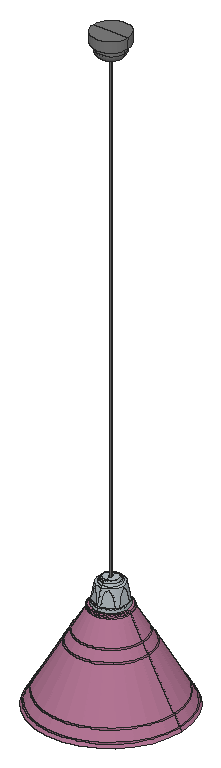
Revit family "Vintage Lampshade LSU (12,14,16,18,20)MB", category Lighting Fixtures, Revit 2020
Family settings
  Round Connector Dimension = Use Diameter
  Part Type = Normal
  OmniClass Number = 23.80.70.00
  OmniClass Title = Lighting
  Work Plane-Based = No
  Always vertical = Yes
  Cut with Voids When Loaded = No
  Light Source = Yes
  Shared = No
  Room Calculation Point = No
Parameters (values of type "LSU22")
  Weight = "7.2lbs"
  Wattage Comments = "200W Max"
  Wattage = 2.4 W
  Warranty = "5 year limited warranty"  # constant formula
  built-in parameter 1150110 = 1 (stored number, unit not read)
  Voltage = 277 V
  URL = "https://www.anplighting.com/assets/Uploads/product-attachments/specification-sheets/ANP-Specification-Sheet-INC-LSU22.pdf"
  built-in parameter 1114217 = 1 (stored number, unit not read)
  Tilt Angle = 90.00°
  built-in parameter 1150109 = 1 (stored number, unit not read)
  built-in parameter 1150134 = 12
  built-in parameter 1150113 = 1 (stored number, unit not read)
  Ring = Ring
  Mounting Option [instance] = 1
  Power Factor = 1
  Post Mount [instance] = Mounting Option = 5  # no
  Placement X axis side [instance] = if(Post Mount, 2' 2 15/32", if(Cord or Stem Mount, 0' 0", if(E36 20 inch, 1' 8 1/4", if(E 6 26 inch, 2' 2", if(E7 41 inch, 3' 5 1/4", 0' 1")))))  # 0' - 0"
  Photometric Web File = "generic.ies"
  Model = "LSU22"
  Manufacturer = "ANP Lighting"  # constant formula
  built-in parameter 1150105 = 238.73 (stored number, unit not read)
  Lumens = 3000 lm
  built-in parameter 1150115 = 1 (stored number, unit not read)
  Load Classification = Lighting
  Light Source Height [instance] = 1' - 0"
  built-in parameter 1150137 = (empty or 0)
  built-in parameter 1150139 = (empty or 0)
  Light Elevation _2 [instance] = if(Post Mount, 0' 0.66142", if(E7 41 inch, 0' 0.66142", if(E36 20 inch, 0' 1.65748", if(E 6 26 inch, 0' 1.53543", if(Cord or Stem Mount, (0' 4.3622" + Cord Length), 0' 0")))))  # 6' - 4.3622"
  Light Elevation _1 [instance] = if(Post Mount, 0' 0", if(E7 41 inch, 0' 0", if(E36 20 inch, 0' 1", if(E 6 26 inch, 0' 0.87402", if(Cord or Stem Mount, (0' 3.66142" + Cord Length), 0' 0")))))  # 6' - 3.66142"
  Light Elevation [instance] = if(Post Mount, 14' 0.5315", if(E7 41 inch, 0' 0", 0' 0"))  # 0' - 0"
  built-in parameter 1150112 = 1 (stored number, unit not read)
  built-in parameter 1150114 = 1 (stored number, unit not read)
  Lamp = "Incandescent"
  LSU22 = yes
  LSU20 = no
  LSU18 = no
  LSU16 = no
  LSU14 = no
  LSU12 = no
  built-in parameter 1150132 = 2
  built-in parameter 1150102 = (empty or 0)
  built-in parameter 1150107 = 4000 (stored number, unit not read)
  built-in parameter 1150138 = (empty or 0)
  built-in parameter 1150106 = 2.3873 (stored number, unit not read)
  Fixture Height = 1' - 5 3/4"
  Fixture Finish = Fixture finish
  Fixture Diameter = 1' - 10"
  built-in parameter 1150104 = 116.13 (stored number, unit not read)
  E7 41 inch [instance] = Mounting Option = 4  # no
  E36 20 inch [instance] = Mounting Option = 3  # no
  E 6 26 inch [instance] = Mounting Option = 2  # no
  Dimming Lamp Color Temperature Shift = <None>
  Description = "120-277 Voltage"  # constant formula
  Default Elevation = 0' - 0"
  Cord or Stem Mount [instance] = Mounting Option = 1  # yes
  Cord Length option [instance] = 0
  Cord Length [instance] = if([2' Cord], 2' 0", if([4' Cord], 4' 0", if([8' Cord], 8' 0", if([10' Cord], 10' 0", if([6' Cord], 6' 0", 6' 0")))))  # 6' - 0"
  Construction Material = "Heavy Duty spun aluminum."  # constant formula
  Color Filter = 16777215
  Body Material = body
  Body Colour = "Spun aluminium"  # constant formula
  built-in parameter 1114218 = 1 (stored number, unit not read)
  built-in parameter 1150133 = 10 (stored number, unit not read)
  Apparent Load = 200 VA
  8' Cord [instance] = Cord Length option = 8  # no
  6' Cord [instance] = Cord Length option = 6  # no
  4' Cord [instance] = Cord Length option = 4  # no
  2' Cord [instance] = Cord Length option = 2  # no
  10' Cord [instance] = Cord Length option = 10  # no
Reference planes (in)
  plane 1 "Light Source Axis (F/B)": y = 0
  plane 2: z = 0
  plane 3 "Light Source Axis (L/R)": x = 0
  plane 4 "Light Source Elevation": z = 0
  plane 5: z = 0
  plane 6: x = 0
  plane 7 "Bulb Position": z = -76.3622
  plane 8 "Canopy Position": z = -75.66142
  plane 9 "IES": z = -88.3622
Dimensions and locks (in)
  "Light Elevation": plane 5 to plane 2
  "Placement X axis side": plane 6 to plane 3 "Light Source Axis (L/R)"
  "Light Elevation _2": plane 5 to plane 7 "Bulb Position"
  "Light Elevation _1": plane 5 to plane 8 "Canopy Position"
  "Light Source Height": plane 7 "Bulb Position" to plane 9 "IES"
  locked: plane 4 "Light Source Elevation" to plane 2
  aligned and locked: level to plane 2
  aligned and locked: plane 1 "Light Source Axis (F/B)" to nested 5
  aligned and locked: nested 5 to plane 2
  aligned and locked: nested 1 to plane 3 "Light Source Axis (L/R)"
  aligned and locked: plane 3 "Light Source Axis (L/R)" to nested 2
  aligned and locked: plane 3 "Light Source Axis (L/R)" to nested 4
  aligned and locked: nested 3 to plane 5
  aligned and locked: plane 3 "Light Source Axis (L/R)" to nested 3
  aligned and locked: plane 3 "Light Source Axis (L/R)" to nested 5
  aligned and locked: plane 1 "Light Source Axis (F/B)" to nested 2
  aligned and locked: plane 1 "Light Source Axis (F/B)" to nested 1
  aligned and locked: plane 1 "Light Source Axis (F/B)" to nested 4
  aligned and locked: plane 1 "Light Source Axis (F/B)" to nested 3
  aligned and locked: plane 2 to nested 1
  aligned and locked: plane 2 to nested 2
  aligned and locked: nested 4 to plane 2
  aligned and locked: imposter light to plane 9 "IES"
  aligned and locked: imposter light to plane 6
  aligned and locked: nested 6 to plane 8 "Canopy Position"
  aligned and locked: nested 7 to plane 8 "Canopy Position"
  aligned and locked: nested 8 to plane 8 "Canopy Position"
  aligned and locked: nested 9 to plane 8 "Canopy Position"
  aligned and locked: nested 10 to plane 8 "Canopy Position"
  aligned and locked: nested 11 to plane 8 "Canopy Position"
  aligned and locked: nested 6 to plane 6
  aligned and locked: nested 7 to plane 6
  aligned and locked: nested 8 to plane 6
  aligned and locked: nested 9 to plane 6
  aligned and locked: nested 10 to plane 6
  aligned and locked: nested 11 to plane 6
Nested families (in)
  nested 1: "CORD OR STEM MOUNT" at (0, 0, -75.67), visible <- "Cord or Stem Mount", Cord or Stem Mount <- "Cord or Stem Mount", Body Material <- "Body Material", Light Elevation <- "Light Elevation", Cord Length <- "Cord Length", 10' Cord <- "10' Cord", 2' Cord <- "2' Cord", 4' Cord <- "4' Cord", 6' Cord <- "6' Cord", 8' Cord <- "8' Cord", type "CORD OR STEM MOUNT"
    with Light Elevation 0' - 0", Cord or Stem Mount yes, Cord Length 6' - 0", Body Material body, 8' Cord no, 6' Cord no, 4' Cord no, 2' Cord no, 10' Cord no
  nested 2: "E6 26 INCH" at (0, 0, 0), visible <- "E 6 26 inch", Chain Length <- "Cord Length", E 6 26 inch <- "E 6 26 inch", Placement X axis side <- "Placement X axis side", Body Material <- "Body Material", Light Elevation <- "Light Elevation", type "E6 26 INCH"
    with Placement X axis side 0' - 0", Light Elevation 0' - 0", E 6 26 inch no, Chain Length 6' - 0", Body Material body
  nested 3: "E7 41 INCH" at (0, 0, 0), Chain Length <- "Cord Length", visible <- "E7 41 inch", E7 41 inch <- "E7 41 inch", Placement X axis side <- "Placement X axis side", Body Material <- "Body Material", Light Elevation <- "Light Elevation", type "E7 41 INCH"
    with Placement X axis side 0' - 0", Light Elevation 0' - 0", E7 41 inch no, Chain Length 6' - 0", Body Material body
  nested 4: "E36 20 INCH" at (0, 0, 0), visible <- "E36 20 inch", E36 20 inch <- "E36 20 inch", Placement X axis side <- "Placement X axis side", Chain Length <- "Cord Length", Body Material <- "Body Material", Light Elevation <- "Light Elevation", type "E36 20 INCH"
    with Placement X axis side 0' - 0", Light Elevation 0' - 0", E36 20 inch no, Chain Length 6' - 0", Body Material body
  nested 5: "POST MOUNT" at (0, 0, 0), visible <- "Post Mount", Post Mount <- "Post Mount", Placement X axis side <- "Placement X axis side", Chain Length <- "Cord Length", Body Material <- "Body Material", Light Elevation <- "Light Elevation", type "POST MOUNT"
    with Post Mount no, Placement X axis side 0' - 0", Light Elevation 0' - 0", Chain Length 6' - 0", Body Material body
  nested 6: "LSU12A" at (0, 0, -75.66142), Body <- "Fixture Finish", Light Elevation <- "Light Elevation", visible <- "LSU12", LSU12 <- "LSU12", type "LSU12A"
    with Light Elevation 0' - 0", LSU12 no, Body Fixture finish
  nested 7: "LSU14A" at (0, 0, -75.66142), Body <- "Fixture Finish", Light Elevation <- "Light Elevation", hUB <- "Ring", visible <- "LSU14", LSU14 <- "LSU14", type "LSU14A"
    with hUB Ring, Light Elevation 0' - 0", LSU14 no, Body Fixture finish
  nested 8: "LSU16A" at (0, 0, -75.66142), Body <- "Fixture Finish", Light Elevation <- "Light Elevation", HUB <- "Ring", visible <- "LSU16", LSU16 <- "LSU16", type "LSU16A"
    with Light Elevation 0' - 0", LSU16 no, HUB Ring, Body Fixture finish
  nested 9: "LSU18A" at (0, 0, -75.66142), Body <- "Fixture Finish", Light Elevation <- "Light Elevation", HUB <- "Ring", LSU18 <- "LSU18", visible <- "LSU18", type "LSU18A"
    with Light Elevation 0' - 0", LSU18 no, HUB Ring, Body Fixture finish
  nested 10: "LSU20A" at (0, 0, -75.66142), Body <- "Fixture Finish", Light Elevation <- "Light Elevation", visible <- "LSU20", LSU20 <- "LSU20", type "LSU20A"
    with Light Elevation 0' - 0", LSU20 no, Body Fixture finish
  nested 11: "LSU22A" at (0, 0, -75.66142), Body <- "Fixture Finish", Light Elevation <- "Light Elevation", visible <- "LSU22", LSU22 <- "LSU22", type "LSU22A"
    with Light Elevation 0' - 0", LSU22 yes, Body Fixture finish
Definition of nested family "CORD OR STEM MOUNT"
  Parameters (values of type "CORD OR STEM MOUNT")
    URL = ""
    Model = ""
    Manufacturer = ""
    Light Elevation [instance] = 1' - 7.69"
    Default Elevation = 0' - 0"
    Cord or Stem Mount [instance] = yes
    Cord Length [instance] = 6' - 0"
    Body Material [instance] = none
    8' Cord [instance] = no
    6' Cord [instance] = no
    4' Cord [instance] = no
    2' Cord [instance] = no
    10' Cord [instance] = no
  Reference planes (in)
    plane 1 "Light Source Axis (F/B)": y = 0
    plane 2: z = 0
    plane 3 "Light Source Axis (L/R)": x = 0
    plane 4 "Light Source Elevation": z = 23.125
    plane 5: z = 91.69
    plane 6: z = 19.69
  Forms (in)
    Extrusion 1, void, not visible
      sketch origin (0, 0, 2.38154) x (1, 0, 0) y (0, 0, 1)
        loop
          circle (0, 4.59925) r 0.16583
      from 1.18594 to 1.75
    Extrusion 2, void, not visible
      sketch origin (0, 0, 2.38154) x (0.707107, -0.707107, 0) y (0, 0, 1)
        loop
          circle (0, 4.59925) r 0.16583
      from 1.18594 to 1.75
    Extrusion 3, void, not visible
      sketch origin (0, 0, 2.38154) x (0.707107, 0.707107, 0) y (0, 0, 1)
        loop
          circle (0, 4.59925) r 0.16583
      from 1.18594 to 1.75
    Extrusion 4, void, not visible
      sketch origin (0, 0, 2.38154) x (0, 1, 0) y (0, 0, 1)
        loop
          circle (0, 4.59925) r 0.16583
      from 1.18594 to 1.75
    Extrusion 5, void, not visible
      sketch origin (0, 0, 2.38154) x (-0.707107, 0.707107, 0) y (0, 0, 1)
        loop
          circle (0, 4.59925) r 0.16583
      from 1.18594 to 1.75
    Extrusion 6, void, not visible
      sketch origin (0, 0, 2.38154) x (-1, 0, 0) y (0, 0, 1)
        loop
          circle (0, 4.59925) r 0.20678
      from 1.18594 to 1.75
    Extrusion 7, void, not visible
      sketch origin (0, 0, 2.38154) x (-0.707107, -0.707107, 0) y (0, 0, 1)
        loop
          circle (0, 4.59925) r 0.16583
      from 1.18594 to 1.75
    Extrusion 8, void, not visible
      sketch origin (0, 0, 2.38154) x (0, -1, 0) y (0, 0, 1)
        loop
          circle (0, 4.59925) r 0.16583
      from 1.18594 to 1.75
    Revolve 9, solid, material <- "Body Material", visible <- "Cord or Stem Mount"
      sketch origin (0, 0, 174.56698) x (1, 0, 0) y (0, 0, 1)
        loop
          line (2.6875, -79.20698) -> (0, -79.20698) -> (0, -82.87698) -> (0.125, -82.87698) -> (0.125, -82.83698) -> (0.75, -82.83698)
          arc (0.75, -82.83698) -> (0.81694, -82.77004) -> (0.75, -82.7031) r 0.06694
          line (0.75, -82.7031) -> (0.89763, -82.7031) -> (1.00223, -82.5985) -> (1.06587, -82.5985)
          arc (1.06587, -82.5985) -> (1.80099, -82.29401) -> (2.10549, -81.55888) r 1.03962
          line (2.10549, -81.55888) -> (2.10549, -81.03899)
          arc (2.10549, -81.03899) -> (2.12951, -80.981) -> (2.1875, -80.95698) r 0.08201
          line (2.1875, -80.95698) -> (2.1875, -80.70698) -> (2.6875, -80.70698) -> (2.6875, -79.20698)
        axis (0, -79.20698) -> (0, -82.87698)
      angle from 0 to 360
    Revolve 10, solid, material <- "Body Material", visible <- "Cord or Stem Mount"
      sketch origin (0, 0, 0) x (1, 0, 0) y (0, 0, 1)
        loop
          line (0, 91.69) -> (-0.125, 91.69) -> (-0.125, 19.69) -> (0, 19.69) -> (0, 91.69)
        axis (0, 19.69) -> (0, 91.69)
      angle from 0 to 360
  Dimensions and locks (in)
    "Light Elevation": plane 6 to plane 2
    "Cord Length": plane 5 to plane 6
    locked: Revolve 10 sketch curve to Revolve 10 sketch curve at 0.125
    aligned and locked: level to plane 2
    aligned and locked: Revolve 10 sketch curve to plane 3 "Light Source Axis (L/R)"
    aligned and locked: Revolve 10 sketch curve to plane 6
    aligned and locked: Revolve 10 sketch curve to plane 5
    aligned and locked: plane 3 "Light Source Axis (L/R)" to Revolve 10 sketch curve
  Automatic sketch dimensions
    Revolve 9 sketch curve to plane 3 "Light Source Axis (L/R)" = 0' - 0"  (x2)
    Revolve 9 sketch curve to plane 5 = 0' - 0"
    plane 3 "Light Source Axis (L/R)" to Revolve 9 sketch curve = 0' - 0 1/8"
    Revolve 9 sketch curve to plane 5 = 0' - 0.17388"
    Revolve 9 sketch curve to Revolve 9 sketch curve = 0' - 0 5/8"
    Revolve 9 sketch curve to Revolve 9 sketch curve = 0' - 0.14763"
    Revolve 9 sketch curve to plane 5 = 0' - 0.27847"
    Revolve 9 sketch curve to Revolve 9 sketch curve = 0' - 0.1046"
    Revolve 9 sketch curve to Revolve 9 sketch curve = 0' - 0.06364"
    Revolve 9 sketch curve to Revolve 9 sketch curve = 0' - 1.03962"
    Revolve 9 sketch curve to Revolve 9 sketch curve = 0' - 0 21/256"
    Revolve 9 sketch curve to Revolve 9 sketch curve = 0' - 0 1/2"  (x2)
    Revolve 9 sketch curve to Revolve 9 sketch curve = 0' - 0.51989"
    Revolve 9 sketch curve to Revolve 9 sketch curve = 0' - 0 1/4"
    Revolve 9 sketch curve to Revolve 9 sketch curve = 0' - 2.3519"
    Revolve 9 sketch curve to Revolve 9 sketch curve = 0' - 1 1/4"
    Revolve 9 sketch curve to Revolve 9 sketch curve = 0' - 0.04"
    Revolve 10 sketch curve to Revolve 10 sketch curve = 0' - 0 1/2"
    Revolve 10 sketch curve to Revolve 10 sketch curve = 0' - 0.42345"
Definition of nested family "LSU22A"
  Parameters (values of type "LSU22A")
    Light Elevation [instance] = 0' - 0"
    LSU22 [instance] = yes
    HUB = none
    Default Elevation = 0' - 0"
    Body [instance] = none
  Reference planes (in)
    plane 1 "Center (Front/Back)": y = 0
    plane 2: z = 0
    plane 3 "Center (Left/Right)": x = 0
    plane 4: z = 0
  Dimensions and locks (in)
    "Light Elevation": plane 4 to plane 2
    aligned and locked: plane 2 to level
    aligned and locked: plane 3 "Center (Left/Right)" to nested 1
    aligned and locked: plane 1 "Center (Front/Back)" to nested 1
    aligned and locked: plane 4 to nested 1
  Nested families (in)
    nested 1: "LSU22" at (0, 0, -17.75), visible <- "LSU22", Body <- "Body", LSU22 <- "LSU22", type "LSU22"
      with LSU22 yes, Body none
  Definition of nested family "LSU22"
    Parameters (values of type "LSU22")
      SHADE = none
      LSU22 [instance] = yes
      HUB = none
      Default Elevation = 0' - 0"
      Body [instance] = none
    Reference planes (in)
      plane 1 "Center (Front/Back)": y = 0
      plane 2: z = 0
      plane 3 "Center (Left/Right)": x = 0
      plane 4: x = 11
      plane 5: x = -11
      plane 6: z = 17.75
    Forms (in)
      Revolve 1, solid, material <- "HUB", visible <- "LSU22"
        sketch origin (0, 11.70542, 7.10596) x (0, 1, 0) y (0, 0, 1)
          loop
            arc (-12.87041, 10.64404) -> (-12.89909, 10.63499) -> (-12.9174, 10.61114) r 0.05
            line (-12.9174, 10.61114) -> (-13.01461, 10.34404) -> (-13.21461, 10.34404) -> (-13.31652, 10.06404) -> (-13.6924, 9.92723) -> (-14.13025, 7.44404) -> (-14.16127, 7.44404)
            arc (-14.16127, 7.44404) -> (-14.1928, 7.42739) -> (-14.20542, 7.39404) r 0.05039
            line (-14.20542, 7.39404) -> (-14.20542, 6.89404) -> (-11.95542, 6.89404) -> (-11.95542, 10.64404) -> (-12.87041, 10.64404)
          axis (-11.70542, 10.64404) -> (-11.70542, 6.89404)
        angle from 0 to 360
      Extrusion 2, void
        sketch origin (11.70542, 0, 7.10596) x (1, 0, 0) y (0, 0, 1)
          loop
            line (-9.24957, 7.44404) -> (-9.24957, 10.19404) -> (-9.7364, 10.19404) -> (-9.4864, 7.44404) -> (-9.24957, 7.44404)
        from -1.03027 to 1.03705
      Extrusion 3, void
        sketch origin (-11.70542, 0.0024, 7.10596) x (-1, 0.000784, 0) y (0, 0, 1)
          loop
            line (-9.24957, 7.44404) -> (-9.24957, 10.19404) -> (-9.7364, 10.19404) -> (-9.4864, 7.44404) -> (-9.24957, 7.44404)
        from -1.03027 to 1.03705
      Extrusion 4, void
        sketch origin (5.85368, 10.13421, 7.10596) x (0.500262, 0.865874, 0) y (0, 0, 1)
          loop
            line (-9.24957, 7.44404) -> (-9.24957, 10.19404) -> (-9.7364, 10.19404) -> (-9.4864, 7.44404) -> (-9.24957, 7.44404)
        from -1.03027 to 1.03705
      Extrusion 5, void
        sketch origin (-5.85996, -10.13543, 7.10596) x (-0.500941, -0.865481, 0) y (0, 0, 1)
          loop
            line (-9.24957, 7.44404) -> (-9.24957, 10.19404) -> (-9.7364, 10.19404) -> (-9.4864, 7.44404) -> (-9.24957, 7.44404)
        from -1.03027 to 1.03705
      Extrusion 6, void
        sketch origin (-5.84989, 10.13882, 7.10596) x (-0.49958, 0.866268, 0) y (0, 0, 1)
          loop
            line (-9.24957, 7.44404) -> (-9.24957, 10.19404) -> (-9.7364, 10.19404) -> (-9.4864, 7.44404) -> (-9.24957, 7.44404)
        from -1.03027 to 1.03705
      Extrusion 7, void
        sketch origin (5.84361, -10.14244, 7.10596) x (0.4989, -0.866659, 0) y (0, 0, 1)
          loop
            line (-9.24957, 7.44404) -> (-9.24957, 10.19404) -> (-9.7364, 10.19404) -> (-9.4864, 7.44404) -> (-9.24957, 7.44404)
        from -1.03027 to 1.03705
      Revolve 8, solid, material <- "Body", visible <- "LSU22"
        sketch origin (0, 0, 0) x (1, 0, 0) y (0, 0, 1)
          loop
            line (-1.86742, 14.67) -> (-2, 14.67) -> (-2.25, 14.42) -> (-2.25, 14) -> (-2.95, 14)
            arc (-2.95, 14) -> (-2.98536, 13.98536) -> (-3, 13.95) r 0.05
            line (-3, 13.95) -> (-3, 13.65)
            arc (-3, 13.65) -> (-3.0088, 13.58424) -> (-3.03459, 13.52312) r 0.25
            line (-3.03459, 13.52312) -> (-4.868, 10.41048)
            arc (-4.868, 10.41048) -> (-4.9496, 10.36431) -> (-4.95042, 10.27056) r 0.09375
            line (-4.95042, 10.27056) -> (-5.75154, 8.91048)
            arc (-5.75154, 8.91048) -> (-5.83313, 8.86431) -> (-5.83395, 8.77056) r 0.09375
            line (-5.83395, 8.77056) -> (-9.76674, 2.09375)
            arc (-9.76674, 2.09375) -> (-9.84833, 2.04758) -> (-9.84915, 1.95383) r 0.09375
            line (-9.84915, 1.95383) -> (-10.65027, 0.59375)
            arc (-10.65027, 0.59375) -> (-10.73187, 0.54758) -> (-10.73268, 0.45383) r 0.09375
            line (-10.73268, 0.45383) -> (-11, 0) -> (-10.8912, 0) -> (-10.6519, 0.40625)
            arc (-10.6519, 0.40625) -> (-10.65109, 0.5) -> (-10.56949, 0.54617) r 0.09375
            line (-10.56949, 0.54617) -> (-9.76837, 1.90625)
            arc (-9.76837, 1.90625) -> (-9.76755, 2) -> (-9.68596, 2.04617) r 0.09375
            line (-9.68596, 2.04617) -> (-5.75317, 8.72298)
            arc (-5.75317, 8.72298) -> (-5.75235, 8.81673) -> (-5.67076, 8.8629) r 0.09375
            line (-5.67076, 8.8629) -> (-4.86964, 10.22298)
            arc (-4.86964, 10.22298) -> (-4.86882, 10.31673) -> (-4.78723, 10.3629) r 0.09375
            line (-4.78723, 10.3629) -> (-2.95381, 13.47554)
            arc (-2.95381, 13.47554) -> (-2.91835, 13.55959) -> (-2.90625, 13.65) r 0.34375
            line (-2.90625, 13.65) -> (-2.90625, 13.90625) -> (-2.15625, 13.90625) -> (-2.15625, 14.38117) -> (-1.86742, 14.67)
          axis (0, 14.67) -> (0, 0)
        angle from 0 to 360
    Cuts and joins
      Extrusion 2, Extrusion 3, Extrusion 4, Extrusion 5, Extrusion 6, Extrusion 7 cuts Revolve 1
    Dimensions and locks (in)
      aligned and locked: plane 2 to level
Definition of nested family "E6 26 INCH"
  Parameters (values of type "E6 26 INCH")
    URL = ""
    Placement X axis side [instance] = 2' - 2"
    Model = ""
    Manufacturer = ""
    Light Elevation [instance] = 8' - 4"
    E 6 26 inch [instance] = yes
    Default Elevation = 0' - 0"
    Chain Length [instance] = 0' - 0"
    Body Material [instance] = none
  Reference planes (in)
    plane 1 "Light Source Axis (F/B)": y = 0
    plane 2: z = 0
    plane 3 "Light Source Axis (L/R)": x = 0
    plane 4 "Light Source Elevation": z = 23.125
    plane 5: z = 100
    plane 6: x = -26
    plane 7: z = 99.125
    plane 8: x = -24.12
    plane 9: x = -25.5474
  Forms (in)
    Extrusion 1, void, not visible
      sketch origin (0, 0, 2.38154) x (1, 0, 0) y (0, 0, 1)
        loop
          circle (0, 4.59925) r 0.16583
      from 1.18594 to 1.75
    Extrusion 2, void, not visible
      sketch origin (0, 0, 2.38154) x (0.707107, -0.707107, 0) y (0, 0, 1)
        loop
          circle (0, 4.59925) r 0.16583
      from 1.18594 to 1.75
    Extrusion 3, void, not visible
      sketch origin (0, 0, 2.38154) x (0.707107, 0.707107, 0) y (0, 0, 1)
        loop
          circle (0, 4.59925) r 0.16583
      from 1.18594 to 1.75
    Extrusion 4, void, not visible
      sketch origin (0, 0, 2.38154) x (0, 1, 0) y (0, 0, 1)
        loop
          circle (0, 4.59925) r 0.16583
      from 1.18594 to 1.75
    Extrusion 5, void, not visible
      sketch origin (0, 0, 2.38154) x (-0.707107, 0.707107, 0) y (0, 0, 1)
        loop
          circle (0, 4.59925) r 0.16583
      from 1.18594 to 1.75
    Extrusion 6, void, not visible
      sketch origin (0, 0, 2.38154) x (-1, 0, 0) y (0, 0, 1)
        loop
          circle (0, 4.59925) r 0.20678
      from 1.18594 to 1.75
    Extrusion 7, void, not visible
      sketch origin (0, 0, 2.38154) x (-0.707107, -0.707107, 0) y (0, 0, 1)
        loop
          circle (0, 4.59925) r 0.16583
      from 1.18594 to 1.75
    Extrusion 8, void, not visible
      sketch origin (0, 0, 2.38154) x (0, -1, 0) y (0, 0, 1)
        loop
          circle (0, 4.59925) r 0.16583
      from 1.18594 to 1.75
    Sweep 9, solid, material <- "Body Material", visible <- "E 6 26 inch"
      path origin (-41.25, 0, 168.51693) x (1, 0, 0) y (0, 0, 1)
        loop
          line (17.13, -68.51693) -> (27.68551, -68.51693)
          arc (27.68551, -68.51693) -> (28.47996, -68.34486) -> (29.13202, -67.8595) r 1.92004
          line (29.13202, -67.8595) -> (34.23651, -62.01155)
          arc (34.23651, -62.01155) -> (38.65464, -60.89667) -> (41.25, -64.64193) r 4
          line (41.25, -64.64193) -> (41.25, -69.39193)
      profile origin (-18.84224, 0, 100) x (0, 0, 1) y (0, -1, 0)
        loop
          circle (0, 0) r 0.5
    Revolve 10, solid, material <- "Body Material", visible <- "E 6 26 inch"
      sketch origin (-26, 0, 168.51693) x (1, 0, 0) y (0, 0, 1)
        loop
          line (0, -66.07943) -> (0, -68.51693) -> (1.88, -68.51693) -> (1.88, -67.69272) -> (0.4526, -67.69272) -> (0.4526, -66.54122) -> (0.33125, -66.54122) -> (0.33125, -66.07943) -> (0, -66.07943)
        axis (0, -68.51693) -> (1.88, -68.51693)
      angle from 0 to 360
    Extrusion 11, solid, material <- "Body Material", visible <- "E 6 26 inch"
      sketch origin (-26, 0, 168.51693) x (0, -1, 0) y (0, 0, -1)
        loop
          line (0.25, 68.51693) -> (0.25, 69.51693) -> (-0.25, 69.51693) -> (-0.25, 68.51693) -> (0.25, 68.51693)
      from 0.4526 to 1.88
  Cuts and joins
    joined: Revolve 10, Extrusion 11
  Dimensions and locks (in)
    "Light Elevation": plane 5 to plane 2
    "Placement X axis side": plane 3 "Light Source Axis (L/R)" to plane 6
    locked: plane 5 to plane 7 at 0.875
    Revolve 10 sketch curve to Revolve 10 sketch curve to Revolve 10 sketch curve to plane 6 = 0' - 1.4274" locked, 0' - 0.12135" locked, 0' - 0.33125" locked
    Revolve 10 sketch curve to Revolve 10 sketch curve to Revolve 10 sketch curve to plane 5 = 0' - 0.46179" locked, 0' - 1.1515" locked, 0' - 0 211/256" locked
    locked: Sweep 9 sketch curve to plane 6 at 1.88
    locked: Sweep 9 sketch curve to Sweep 9 sketch curve at 10.55551
    locked: Sweep 9 sketch curve to Sweep 9 sketch curve at 13.56449
    locked: Sweep 9 sketch curve to Sweep 9 sketch curve at 4.75
    locked: plane 9 to plane 6 at 0.4526
    locked: plane 8 to plane 9 at 1.4274
    aligned and locked: level to plane 2
    aligned and locked: Revolve 10 sketch curve to plane 6
    aligned and locked: plane 5 to Revolve 10 sketch curve
    aligned and locked: Revolve 10 sketch curve to plane 5
    aligned and locked: cut or joined group of Revolve 10, Extrusion 11 to plane 9
    aligned and locked: plane 8 to cut or joined group of Revolve 10, Extrusion 11
  Automatic sketch dimensions
    Sweep 9 sketch curve to plane 5 = 0' - 0"
    Sweep 9 sketch curve to Sweep 9 sketch curve = 0' - 4"
    Sweep 9 sketch curve to Sweep 9 sketch curve = 0' - 3.01349"
    plane 5 to Sweep 9 sketch curve = 0' - 0.65743"
    Sweep 9 sketch curve to Sweep 9 sketch curve = 0' - 1.4465"
    Sweep 9 sketch curve to plane 5 = 0' - 0 7/8"
    profile plane to Sweep 9 sketch curve = 0' - 0"
    Sweep 9 sketch curve to profile plane = 0' - 0"
    plane 6 to Revolve 10 sketch curve = 0' - 0.62562"
    Revolve 10 sketch curve to Revolve 10 sketch curve = 0' - 0 1/2"
    Extrusion 11 sketch curve to plane 5 = 0' - 0"
    plane 1 "Light Source Axis (F/B)" to Extrusion 11 sketch curve = 0' - 0 1/4"
    Extrusion 11 sketch curve to plane 1 "Light Source Axis (F/B)" = 0' - 0 1/4"
    plane 5 to Extrusion 11 sketch curve = 0' - 1"
    radius of Sweep 9 sketch curve = 0' - 0 1/2"
Definition of nested family "E7 41 INCH"
  Parameters (values of type "E7 41 INCH")
    URL = ""
    Placement X axis side [instance] = 4' - 2"
    Model = ""
    Manufacturer = ""
    Light Elevation [instance] = 8' - 4"
    E7 41 inch [instance] = yes
    Default Elevation = 0' - 0"
    Chain Length [instance] = 0' - 0"
    Body Material [instance] = none
  Reference planes (in)
    plane 1 "Light Source Axis (F/B)": y = 0
    plane 2: z = 0
    plane 3 "Light Source Axis (L/R)": x = 0
    plane 4 "Light Source Elevation": z = 23.125
    plane 5: z = 100
    plane 6: x = -50
  Forms (in)
    Extrusion 1, void, not visible
      sketch origin (0, 0, 2.38154) x (1, 0, 0) y (0, 0, 1)
        loop
          circle (0, 4.59925) r 0.16583
      from 1.18594 to 1.75
    Extrusion 2, void, not visible
      sketch origin (0, 0, 2.38154) x (0.707107, -0.707107, 0) y (0, 0, 1)
        loop
          circle (0, 4.59925) r 0.16583
      from 1.18594 to 1.75
    Extrusion 3, void, not visible
      sketch origin (0, 0, 2.38154) x (0.707107, 0.707107, 0) y (0, 0, 1)
        loop
          circle (0, 4.59925) r 0.16583
      from 1.18594 to 1.75
    Extrusion 4, void, not visible
      sketch origin (0, 0, 2.38154) x (0, 1, 0) y (0, 0, 1)
        loop
          circle (0, 4.59925) r 0.16583
      from 1.18594 to 1.75
    Extrusion 5, void, not visible
      sketch origin (0, 0, 2.38154) x (-0.707107, 0.707107, 0) y (0, 0, 1)
        loop
          circle (0, 4.59925) r 0.16583
      from 1.18594 to 1.75
    Extrusion 6, void, not visible
      sketch origin (0, 0, 2.38154) x (-1, 0, 0) y (0, 0, 1)
        loop
          circle (0, 4.59925) r 0.20678
      from 1.18594 to 1.75
    Extrusion 7, void, not visible
      sketch origin (0, 0, 2.38154) x (-0.707107, -0.707107, 0) y (0, 0, 1)
        loop
          circle (0, 4.59925) r 0.16583
      from 1.18594 to 1.75
    Extrusion 8, void, not visible
      sketch origin (0, 0, 2.38154) x (0, -1, 0) y (0, 0, 1)
        loop
          circle (0, 4.59925) r 0.16583
      from 1.18594 to 1.75
    Revolve 9, solid, material <- "Body Material", visible <- "E7 41 inch"
      sketch origin (-41.25, 0, 168.39193) x (1, 0, 0) y (0, 0, 1)
        loop
          line (-8.75, -66.20443) -> (-8.75, -68.51693) -> (-6.87, -68.51693) -> (-6.87, -67.69272) -> (-8.2974, -67.69272) -> (-8.2974, -66.54122) -> (-8.41875, -66.54122) -> (-8.41875, -66.20443) -> (-8.75, -66.20443)
        axis (-8.75, -68.51693) -> (-6.87, -68.51693)
      angle from 0 to 360
    Extrusion 10, solid, material <- "Body Material", visible <- "E7 41 inch"
      sketch origin (-41.25, 0, 168.39193) x (0, -1, 0) y (0, 0, -1)
        loop
          line (0.25, 68.51693) -> (0.25, 69.51693) -> (-0.25, 69.51693) -> (-0.25, 68.51693) -> (0.25, 68.51693)
      from -8.2974 to -6.87
    Sweep 11, solid, material <- "Body Material", visible <- "E7 41 inch"
      path origin (-41.25, 0, 168.39193) x (1, 0, 0) y (0, 0, 1)
        loop
          line (-6.87, -68.51693) -> (16.04011, -68.51693)
          arc (16.04011, -68.51693) -> (17.864, -68.13651) -> (19.38375, -67.0587) r 4.5625
          line (19.38375, -67.0587) -> (24.70217, -61.33018)
          arc (24.70217, -61.33018) -> (29.64465, -60.20324) -> (32.5, -64.39193) r 4.5
          line (32.5, -64.39193) -> (32.5, -68.39193)
      profile origin (-36.66494, 0, 99.875) x (0, 0, 1) y (0, -1, 0)
        loop
          circle (0, 0) r 0.5
  Dimensions and locks (in)
    "Placement X axis side": plane 3 "Light Source Axis (L/R)" to plane 6
    "Light Elevation": plane 5 to plane 2
    locked: Revolve 9 sketch curve to Revolve 9 sketch curve at 0.33125
    locked: Revolve 9 sketch curve to Revolve 9 sketch curve at 0.4526
    locked: Revolve 9 sketch curve to Revolve 9 sketch curve at 1.88
    locked: Revolve 9 sketch curve to Revolve 9 sketch curve at 0.82421
    locked: Revolve 9 sketch curve to Revolve 9 sketch curve at 1.1515
    locked: Revolve 9 sketch curve to Revolve 9 sketch curve at 0.33679
    locked: plane 5 to Revolve 9 sketch curve at 0.125
    locked: Extrusion 10 sketch curve to Extrusion 10 sketch curve at 0.5
    locked: Extrusion 10 sketch curve to Extrusion 10 sketch curve at 1
    locked: plane 5 to Extrusion 10 sketch curve at 0.125
    locked: plane 5 to Sweep 11 sketch curve at 0.125
    locked: Sweep 11 sketch curve to Sweep 11 sketch curve at 39.37
    locked: Sweep 11 sketch curve to Sweep 11 sketch curve at 4
    locked: plane 6 to Extrusion 10 at 0.4526
    locked: Sweep 11 sketch curve to plane 6 at 1.88
    locked: Extrusion 10 to Extrusion 10 at 1.4274
    aligned and locked: plane 2 to level
    aligned and locked: Revolve 9 sketch curve to plane 6
  Automatic sketch dimensions
    Revolve 9 sketch curve to plane 5 = 0' - 0 1/8"
    plane 6 to Revolve 9 sketch curve = 0' - 0.62562"
    Revolve 9 sketch curve to Revolve 9 sketch curve = 0' - 0 1/2"
    plane 1 "Light Source Axis (F/B)" to Extrusion 10 sketch curve = 0' - 0 1/4"
    Sweep 11 sketch curve to plane 5 = 0' - 0"
    Sweep 11 sketch curve to Sweep 11 sketch curve = 0' - 4 1/2"
    Sweep 11 sketch curve to Sweep 11 sketch curve = 0' - 3.29783"
    plane 5 to Sweep 11 sketch curve = 0' - 1.33323"
    Sweep 11 sketch curve to Sweep 11 sketch curve = 0' - 5.31842"
    Sweep 11 sketch curve to Sweep 11 sketch curve = 0' - 3.34364"
    profile plane to Sweep 11 sketch curve = 0' - 0"
    Sweep 11 sketch curve to profile plane = 0' - 0"
    radius of Sweep 11 sketch curve = 0' - 0 1/2"
Definition of nested family "E36 20 INCH"
  Parameters (values of type "E36 20 INCH")
    URL = ""
    Placement X axis side [instance] = 1' - 8 1/4"
    Model = ""
    Manufacturer = ""
    Light Elevation [instance] = 8' - 4"
    E36 20 inch [instance] = yes
    Default Elevation = 0' - 0"
    Chain Length [instance] = 0' - 0"
    Body Material [instance] = none
  Reference planes (in)
    plane 1 "Light Source Axis (F/B)": y = 0
    plane 2: z = 0
    plane 3 "Light Source Axis (L/R)": x = 0
    plane 4 "Light Source Elevation": z = 23.125
    plane 5: z = 99
    plane 6: x = -20.25
    plane 7: z = 100
    plane 8: x = -18.37008
    plane 9: x = -19.79724
  Forms (in)
    Extrusion 1, void, not visible
      sketch origin (0, 0, 2.38154) x (1, 0, 0) y (0, 0, 1)
        loop
          circle (0, 4.59925) r 0.16583
      from 1.18594 to 1.75
    Extrusion 2, void, not visible
      sketch origin (0, 0, 2.38154) x (0.707107, -0.707107, 0) y (0, 0, 1)
        loop
          circle (0, 4.59925) r 0.16583
      from 1.18594 to 1.75
    Extrusion 3, void, not visible
      sketch origin (0, 0, 2.38154) x (0.707107, 0.707107, 0) y (0, 0, 1)
        loop
          circle (0, 4.59925) r 0.16583
      from 1.18594 to 1.75
    Extrusion 4, void, not visible
      sketch origin (0, 0, 2.38154) x (0, 1, 0) y (0, 0, 1)
        loop
          circle (0, 4.59925) r 0.16583
      from 1.18594 to 1.75
    Extrusion 5, void, not visible
      sketch origin (0, 0, 2.38154) x (-0.707107, 0.707107, 0) y (0, 0, 1)
        loop
          circle (0, 4.59925) r 0.16583
      from 1.18594 to 1.75
    Extrusion 6, void, not visible
      sketch origin (0, 0, 2.38154) x (-1, 0, 0) y (0, 0, 1)
        loop
          circle (0, 4.59925) r 0.20678
      from 1.18594 to 1.75
    Extrusion 7, void, not visible
      sketch origin (0, 0, 2.38154) x (-0.707107, -0.707107, 0) y (0, 0, 1)
        loop
          circle (0, 4.59925) r 0.16583
      from 1.18594 to 1.75
    Extrusion 8, void, not visible
      sketch origin (0, 0, 2.38154) x (0, -1, 0) y (0, 0, 1)
        loop
          circle (0, 4.59925) r 0.16583
      from 1.18594 to 1.75
    Sweep 9, solid, material <- "Body Material", visible <- "E36 20 inch"
      path origin (-41.25, 0, 169.51693) x (1, 0, 0) y (0, 0, 1)
        loop
          line (22.88, -69.51693) -> (28.93827, -69.51693)
          arc (28.93827, -69.51693) -> (29.97705, -69.28152) -> (30.81284, -68.62128) r 2.40953
          line (30.81284, -68.62128) -> (34.13807, -64.50378)
          arc (34.13807, -64.50378) -> (38.58272, -63.24548) -> (41.25, -67.01693) r 4
          line (41.25, -67.01693) -> (41.25, -70.51693)
      profile origin (-15.34086, 0, 100) x (0, 0, 1) y (0, -1, 0)
        loop
          circle (0, 0) r 0.5
    Revolve 10, solid, material <- "Body Material", visible <- "E36 20 inch"
      sketch origin (-20.25, 0, 169.51693) x (1, 0, 0) y (0, 0, 1)
        loop
          line (0, -67.20443) -> (0, -69.51693) -> (1.88, -69.51693) -> (1.88, -68.69272) -> (0.4526, -68.69272) -> (0.4526, -67.54122) -> (0.33125, -67.54122) -> (0.33125, -67.20443) -> (0, -67.20443)
        axis (0, -69.51693) -> (1.88, -69.51693)
      angle from 0 to 360
    Extrusion 11, solid, material <- "Body Material", visible <- "E36 20 inch"
      sketch origin (-20.25, 0, 169.51693) x (0, -1, 0) y (0, 0, -1)
        loop
          line (0.25, 69.51693) -> (0.25, 70.51693) -> (-0.25, 70.51693) -> (-0.25, 69.51693) -> (0.25, 69.51693)
      from 1.87992 to 0.45276
  Cuts and joins
    joined: Revolve 10, Extrusion 11
  Dimensions and locks (in)
    "Light Elevation": plane 7 to plane 2
    "Placement X axis side": plane 3 "Light Source Axis (L/R)" to plane 6
    locked: plane 7 to plane 5 at 1
    Revolve 10 sketch curve to Revolve 10 sketch curve to Revolve 10 sketch curve to plane 7 = 0' - 0.33679" locked, 0' - 1.1515" locked, 0' - 0 211/256" locked
    locked: Sweep 9 sketch curve to plane 6 at 1.88
    locked: Sweep 9 sketch curve to Sweep 9 sketch curve at 6.05827
    locked: Sweep 9 sketch curve to Sweep 9 sketch curve at 12.31173
    locked: Sweep 9 sketch curve to Sweep 9 sketch curve at 3.5
    Revolve 10 sketch curve to Revolve 10 sketch curve to Revolve 10 sketch curve to plane 6 = 0' - 1.4274" locked, 0' - 0.12135" locked, 0' - 0.33125" locked
    locked: plane 9 to plane 6 at 0.45276
    locked: plane 8 to plane 9 at 1.42717
    aligned and locked: level to plane 2
    aligned and locked: plane 7 to Revolve 10 sketch curve
    aligned and locked: Revolve 10 sketch curve to plane 7
    aligned and locked: Revolve 10 sketch curve to plane 6
    aligned and locked: cut or joined group of Revolve 10, Extrusion 11 to plane 9
    aligned and locked: plane 8 to cut or joined group of Revolve 10, Extrusion 11
  Automatic sketch dimensions
    Sweep 9 sketch curve to plane 7 = 0' - 0"
    Sweep 9 sketch curve to plane 5 = 0' - 0"
    Sweep 9 sketch curve to Sweep 9 sketch curve = 0' - 4"
    Sweep 9 sketch curve to plane 7 = 0' - 0.89565"
    Sweep 9 sketch curve to Sweep 9 sketch curve = 0' - 3.32523"
    Sweep 9 sketch curve to Sweep 9 sketch curve = 0' - 1.87457"
    profile plane to Sweep 9 sketch curve = 0' - 0"
    Sweep 9 sketch curve to profile plane = 0' - 0"
    plane 6 to Revolve 10 sketch curve = 0' - 0.62562"
    Revolve 10 sketch curve to Revolve 10 sketch curve = 0' - 0 1/2"
    plane 7 to Extrusion 11 sketch curve = 0' - 0"
    Extrusion 11 sketch curve to plane 5 = 0' - 0"
    plane 1 "Light Source Axis (F/B)" to Extrusion 11 sketch curve = 0' - 0 1/4"
    Extrusion 11 sketch curve to plane 1 "Light Source Axis (F/B)" = 0' - 0 1/4"
    radius of Sweep 9 sketch curve = 0' - 0 1/2"
Definition of nested family "POST MOUNT"
  Parameters (values of type "POST MOUNT")
    URL = ""
    Post Mount [instance] = yes
    Placement X axis side [instance] = 2' - 2 1/2"
    Model = ""
    Manufacturer = ""
    Light Elevation [instance] = 14' - 0.5168"
    Default Elevation = 0' - 0"
    Chain Length [instance] = 0' - 0"
    Body Material [instance] = none
  Reference planes (in)
    plane 1 "Light Source Axis (F/B)": y = 0
    plane 2: z = 0
    plane 3 "Light Source Axis (L/R)": x = 0
    plane 4 "Light Source Elevation": z = 23.125
    plane 5: x = -26.5
    plane 6: z = 168.5168
  Forms (in)
    Extrusion 1, void, not visible
      sketch origin (0, 0, 2.38154) x (1, 0, 0) y (0, 0, 1)
        loop
          circle (0, 4.59925) r 0.16583
      from 1.18594 to 1.75
    Extrusion 2, void, not visible
      sketch origin (0, 0, 2.38154) x (0.707107, -0.707107, 0) y (0, 0, 1)
        loop
          circle (0, 4.59925) r 0.16583
      from 1.18594 to 1.75
    Extrusion 3, void, not visible
      sketch origin (0, 0, 2.38154) x (0.707107, 0.707107, 0) y (0, 0, 1)
        loop
          circle (0, 4.59925) r 0.16583
      from 1.18594 to 1.75
    Extrusion 4, void, not visible
      sketch origin (0, 0, 2.38154) x (0, 1, 0) y (0, 0, 1)
        loop
          circle (0, 4.59925) r 0.16583
      from 1.18594 to 1.75
    Extrusion 5, void, not visible
      sketch origin (0, 0, 2.38154) x (-0.707107, 0.707107, 0) y (0, 0, 1)
        loop
          circle (0, 4.59925) r 0.16583
      from 1.18594 to 1.75
    Extrusion 6, void, not visible
      sketch origin (0, 0, 2.38154) x (-1, 0, 0) y (0, 0, 1)
        loop
          circle (0, 4.59925) r 0.20678
      from 1.18594 to 1.75
    Extrusion 7, void, not visible
      sketch origin (0, 0, 2.38154) x (-0.707107, -0.707107, 0) y (0, 0, 1)
        loop
          circle (0, 4.59925) r 0.16583
      from 1.18594 to 1.75
    Extrusion 8, void, not visible
      sketch origin (0, 0, 2.38154) x (0, -1, 0) y (0, 0, 1)
        loop
          circle (0, 4.59925) r 0.16583
      from 1.18594 to 1.75
    Revolve 9, solid, material <- "Body Material", visible <- "Post Mount"
      sketch origin (-7.90508, 0, 0) x (1, 0, 0) y (0, 0, 1)
        loop
          line (-18.59492, 3.92912) -> (-16.29831, 3.92912) -> (-16.29831, 4.2668) -> (-16.91413, 4.2668) -> (-16.91413, 134.5168) -> (-17.16413, 134.5168) -> (-17.16413, 137.3918) -> (-17.05979, 137.3918)
          arc (-17.05979, 137.3918) -> (-16.93479, 137.5168) -> (-17.05979, 137.6418) r 0.125
          line (-17.05979, 137.6418) -> (-17.48032, 137.6418) -> (-17.48032, 139.0793) -> (-17.73032, 139.0793) -> (-17.73032, 139.5793) -> (-18.59492, 139.5793) -> (-18.59492, 3.92912)
        axis (-18.59492, 139.5793) -> (-18.59492, 3.92912)
      angle from 0 to 360
    Extrusion 10, solid, material <- "Body Material", visible <- "Post Mount"
      sketch origin (0, 0, 0) x (1, 0, 0) y (0, 1, 0)
        loop
          line (-20.5, 5.93079) -> (-32.5, 5.93079) -> (-32.5, -6.06921) -> (-20.5, -6.06921) -> (-20.5, 5.93079)
      from 0 to 3.92912
    Sweep 11, solid, material <- "Body Material", visible <- "Post Mount"
      path origin (0, 0, 48.5) x (1, 0, 0) y (0, 0, 1)
        loop
          line (0, 120.0168) -> (0, 128.0168)
          arc (0, 128.0168) -> (-13.25, 141.2668) -> (-26.5, 128.0168) r 13.25
          line (-26.5, 128.0168) -> (-26.5, 91.0793)
      profile origin (0, 0, 172.5168) x (-1, 0, 0) y (0, -1, 0)
        loop
          circle (0, 0) r 0.5
    Revolve 12, solid, material <- "Body Material", visible <- "Post Mount"
      sketch origin (0, 0, 0) x (1, 0, 0) y (0, 0, 1)
        loop
          line (0, 168.5168) -> (0.75, 168.5168) -> (0.75, 170.7668) -> (0, 170.7668) -> (0, 168.5168)
        axis (0, 170.7668) -> (0, 168.5168)
      angle from 0 to 360
  Cuts and joins
    joined: Revolve 9, Extrusion 10, Sweep 11, Revolve 12
  Dimensions and locks (in)
    "Placement X axis side": plane 3 "Light Source Axis (L/R)" to plane 5
    "Light Elevation": plane 6 to plane 2
    locked: Revolve 12 sketch curve to plane 5 at 26.5  (x2)
    locked: Revolve 9 sketch curve to plane 2 at 3.92912
    locked: Revolve 9 sketch curve to plane 5 at 2.29661
    locked: Revolve 9 sketch curve to plane 5 at 1.68079
    locked: Revolve 9 sketch curve to plane 5 at 1.43079
    locked: Revolve 9 sketch curve to plane 5 at 1.11461
    locked: Revolve 9 sketch curve to plane 5 at 0.86461
    locked: Revolve 9 sketch curve to Revolve 9 sketch curve at 130.58768
    locked: Revolve 9 sketch curve to Revolve 9 sketch curve at 2.875
    locked: Revolve 9 sketch curve to Revolve 9 sketch curve at 0.25
    locked: Revolve 9 sketch curve to Revolve 9 sketch curve at 1.4375
    locked: Revolve 9 sketch curve to Revolve 9 sketch curve at 0.5
    locked: Sweep 11 sketch curve to Sweep 11 sketch curve at 26.5
    locked: Revolve 12 sketch curve to Revolve 12 sketch curve at 0.75
    locked: cut or joined group of Revolve 9, Extrusion 10, Sweep 11, Revolve 12 to plane 2 at 139.5793
    aligned and locked: level to plane 2
    aligned and locked: plane 5 to Sweep 11 sketch curve
    aligned and locked: Revolve 9 sketch curve to plane 5
  Automatic sketch dimensions
    Revolve 9 sketch curve to plane 5 = 0' - 0"
    Revolve 9 sketch curve to Revolve 9 sketch curve = 0' - 0.10434"
    Revolve 9 sketch curve to Revolve 9 sketch curve = 0' - 0.33768"
    Revolve 9 sketch curve to Revolve 9 sketch curve = 0' - 0 1/4"
    Revolve 9 sketch curve to Revolve 9 sketch curve = 0' - 0 7/16"
    Extrusion 10 sketch curve to plane 5 = 0' - 6"
    plane 5 to Extrusion 10 sketch curve = 0' - 6"
    plane 1 "Light Source Axis (F/B)" to Extrusion 10 sketch curve = 0' - 6.06921"
    Extrusion 10 sketch curve to plane 1 "Light Source Axis (F/B)" = 0' - 5.93079"
    Sweep 11 sketch curve to profile plane = 0' - 0"
    profile plane to Sweep 11 sketch curve = 0' - 0"
    Sweep 11 sketch curve to plane 6 = 0' - 0"
    Sweep 11 sketch curve to plane 6 = 0' - 8"
    plane 6 to Sweep 11 sketch curve = 2' - 4 15/16"
    Revolve 12 sketch curve to plane 6 = 0' - 0"
    Revolve 12 sketch curve to plane 6 = 0' - 2 1/4"
    Revolve 12 sketch curve to Revolve 12 sketch curve = 0' - 0 1/2"
    Revolve 12 sketch curve to Revolve 12 sketch curve = 0' - 0"
    radius of Sweep 11 sketch curve = 0' - 0 1/2"
Definition of nested family "LSU12A"
  Parameters (values of type "LSU12A")
    Light Elevation [instance] = 0' - 0"
    LSU12 [instance] = yes
    HUB = none
    Default Elevation = 0' - 0"
    Body [instance] = none
  Reference planes (in)
    plane 1 "Center (Front/Back)": y = 0
    plane 2: z = 0
    plane 3 "Center (Left/Right)": x = 0
    plane 4: z = 0
  Dimensions and locks (in)
    "Light Elevation": plane 4 to plane 2
    aligned and locked: plane 2 to level
    aligned and locked: plane 3 "Center (Left/Right)" to nested 1
    aligned and locked: plane 1 "Center (Front/Back)" to nested 1
    aligned and locked: plane 4 to nested 1
  Nested families (in)
    nested 1: "LSU12" at (0, 0, -15.25), visible <- "LSU12", Body <- "Body", LSU12 <- "LSU12", type "LSU12"
      with LSU12 yes, Body none
  Definition of nested family "LSU12"
    Parameters (values of type "LSU12")
      SHADE = none
      LSU12 [instance] = yes
      HUB = none
      Default Elevation = 0' - 0"
      Body [instance] = none
    Reference planes (in)
      plane 1 "Center (Front/Back)": y = 0
      plane 2: z = 0
      plane 3 "Center (Left/Right)": x = 0
      plane 4: x = -6
      plane 5: x = 6
      plane 6: z = 15.25
    Forms (in)
      Revolve 1, solid, material <- "HUB", visible <- "LSU12"
        sketch origin (0, 11.70542, 4.60596) x (0, 1, 0) y (0, 0, 1)
          loop
            arc (-12.87041, 10.64404) -> (-12.89909, 10.63499) -> (-12.9174, 10.61114) r 0.05
            line (-12.9174, 10.61114) -> (-13.01461, 10.34404) -> (-13.21461, 10.34404) -> (-13.31652, 10.06404) -> (-13.6924, 9.92723) -> (-14.13025, 7.44404) -> (-14.16127, 7.44404)
            arc (-14.16127, 7.44404) -> (-14.1928, 7.42739) -> (-14.20542, 7.39404) r 0.05039
            line (-14.20542, 7.39404) -> (-14.20542, 6.89404) -> (-11.95542, 6.89404) -> (-11.95542, 10.64404) -> (-12.87041, 10.64404)
          axis (-11.70542, 10.64404) -> (-11.70542, 6.89404)
        angle from 0 to 360
      Extrusion 2, void
        sketch origin (11.70542, 0, 4.60596) x (1, 0, 0) y (0, 0, 1)
          loop
            line (-9.24957, 7.44404) -> (-9.24957, 10.19404) -> (-9.7364, 10.19404) -> (-9.4864, 7.44404) -> (-9.24957, 7.44404)
        from -1.03027 to 1.03705
      Extrusion 3, void
        sketch origin (-11.70542, 0.0024, 4.60596) x (-1, 0.000784, 0) y (0, 0, 1)
          loop
            line (-9.24957, 7.44404) -> (-9.24957, 10.19404) -> (-9.7364, 10.19404) -> (-9.4864, 7.44404) -> (-9.24957, 7.44404)
        from -1.03027 to 1.03705
      Extrusion 4, void
        sketch origin (5.85368, 10.13421, 4.60596) x (0.500262, 0.865874, 0) y (0, 0, 1)
          loop
            line (-9.24957, 7.44404) -> (-9.24957, 10.19404) -> (-9.7364, 10.19404) -> (-9.4864, 7.44404) -> (-9.24957, 7.44404)
        from -1.03027 to 1.03705
      Extrusion 5, void
        sketch origin (-5.85996, -10.13543, 4.60596) x (-0.500941, -0.865481, 0) y (0, 0, 1)
          loop
            line (-9.24957, 7.44404) -> (-9.24957, 10.19404) -> (-9.7364, 10.19404) -> (-9.4864, 7.44404) -> (-9.24957, 7.44404)
        from -1.03027 to 1.03705
      Extrusion 6, void
        sketch origin (-5.84989, 10.13882, 4.60596) x (-0.49958, 0.866268, 0) y (0, 0, 1)
          loop
            line (-9.24957, 7.44404) -> (-9.24957, 10.19404) -> (-9.7364, 10.19404) -> (-9.4864, 7.44404) -> (-9.24957, 7.44404)
        from -1.03027 to 1.03705
      Extrusion 7, void
        sketch origin (5.84361, -10.14244, 4.60596) x (0.4989, -0.866659, 0) y (0, 0, 1)
          loop
            line (-9.24957, 7.44404) -> (-9.24957, 10.19404) -> (-9.7364, 10.19404) -> (-9.4864, 7.44404) -> (-9.24957, 7.44404)
        from -1.03027 to 1.03705
      Revolve 8, solid, material <- "Body", visible <- "LSU12"
        sketch origin (0, 0, 0) x (1, 0, 0) y (0, 0, 1)
          loop
            line (-1.95, 12.17) -> (-2, 12.17) -> (-2.25, 11.92) -> (-2.25, 11.5) -> (-2.95, 11.5)
            arc (-2.95, 11.5) -> (-2.98536, 11.48536) -> (-3, 11.45) r 0.05
            line (-3, 11.45) -> (-3, 11.15)
            arc (-3, 11.15) -> (-3.00217, 11.11715) -> (-3.00863, 11.08486) r 0.25
            line (-3.00863, 11.08486) -> (-3.12685, 10.64681)
            arc (-3.12685, 10.64681) -> (-3.19435, 10.58035) -> (-3.16945, 10.48896) r 0.09375
            line (-3.16945, 10.48896) -> (-5.46282, 1.99058)
            arc (-5.46282, 1.99058) -> (-5.52916, 1.92443) -> (-5.50511, 1.83388) r 0.09375
            line (-5.50511, 1.83388) -> (-5.84062, 0.5906)
            arc (-5.84062, 0.5906) -> (-5.90703, 0.52443) -> (-5.88293, 0.43383) r 0.09375
            line (-5.88293, 0.43383) -> (-6, 0) -> (-5.9029, 0) -> (-5.79242, 0.4094)
            arc (-5.79242, 0.4094) -> (-5.81652, 0.5) -> (-5.75011, 0.56617) r 0.09375
            line (-5.75011, 0.56617) -> (-5.4146, 1.80945)
            arc (-5.4146, 1.80945) -> (-5.43865, 1.9) -> (-5.37231, 1.96615) r 0.09375
            line (-5.37231, 1.96615) -> (-3.07893, 10.46453)
            arc (-3.07893, 10.46453) -> (-3.10384, 10.55592) -> (-3.03634, 10.62238) r 0.09375
            line (-3.03634, 10.62238) -> (-2.91812, 11.06044)
            arc (-2.91812, 11.06044) -> (-2.90923, 11.10483) -> (-2.90625, 11.15) r 0.34375
            line (-2.90625, 11.15) -> (-2.90625, 11.40625) -> (-2.15625, 11.40625) -> (-2.15625, 11.88117) -> (-1.93371, 12.10371)
            arc (-1.93371, 12.10371) -> (-1.91587, 12.14324) -> (-1.95, 12.17) r 0.03515
          axis (0, 12.17) -> (0, 0)
        angle from 0 to 360
    Cuts and joins
      Extrusion 2, Extrusion 3, Extrusion 4, Extrusion 5, Extrusion 6, Extrusion 7 cuts Revolve 1
    Dimensions and locks (in)
      aligned and locked: plane 2 to level
      aligned and locked: level to Revolve 8 sketch curve
Definition of nested family "LSU14A"
  Parameters (values of type "LSU14A")
    hUB [instance] = none
    Light Elevation [instance] = 0' - 0"
    LSU14 [instance] = yes
    Default Elevation = 0' - 0"
    Body [instance] = none
  Reference planes (in)
    plane 1 "Center (Front/Back)": y = 0
    plane 2: z = 0
    plane 3 "Center (Left/Right)": x = 0
    plane 4: z = 0
  Dimensions and locks (in)
    "Light Elevation": plane 4 to plane 2
    aligned and locked: plane 2 to level
    aligned and locked: plane 3 "Center (Left/Right)" to nested 1
    aligned and locked: plane 1 "Center (Front/Back)" to nested 1
    aligned and locked: plane 4 to nested 1
  Nested families (in)
    nested 1: "LSU14" at (0, 0, -15.75), visible <- "LSU14", Body <- "Body", LSU14 <- "LSU14", type "LSU14"
      with LSU14 yes, Body none
  Definition of nested family "LSU14"
    Parameters (values of type "LSU14")
      SHADE = none
      LSU14 [instance] = yes
      HUB = none
      Default Elevation = 0' - 0"
      Body [instance] = none
    Reference planes (in)
      plane 1 "Center (Front/Back)": y = 0
      plane 2: z = 0
      plane 3 "Center (Left/Right)": x = 0
      plane 4: x = -7
      plane 5: x = 7
      plane 6: z = 15.75
    Forms (in)
      Revolve 1, solid, material <- "Body", visible <- "LSU14"
        sketch origin (0, 0, 0) x (1, 0, 0) y (0, 0, 1)
          loop
            line (-1.88691, 12.67) -> (-2, 12.67) -> (-2.25, 12.42) -> (-2.25, 12) -> (-2.95, 12)
            arc (-2.95, 12) -> (-2.98536, 11.98536) -> (-3, 11.95) r 0.05
            line (-3, 11.95) -> (-3, 11.65)
            arc (-3, 11.65) -> (-3.00343, 11.60871) -> (-3.01364, 11.56855) r 0.25
            line (-3.01364, 11.56855) -> (-3.24465, 10.89816)
            arc (-3.24465, 10.89816) -> (-3.31541, 10.83667) -> (-3.29755, 10.74464) r 0.09375
            line (-3.29755, 10.74464) -> (-6.31283, 1.9942)
            arc (-6.31283, 1.9942) -> (-6.3836, 1.93271) -> (-6.36573, 1.84067) r 0.09375
            line (-6.36573, 1.84067) -> (-6.79599, 0.59203)
            arc (-6.79599, 0.59203) -> (-6.86676, 0.53054) -> (-6.8489, 0.43851) r 0.09375
            line (-6.8489, 0.43851) -> (-7, 0) -> (-6.90084, 0) -> (-6.76026, 0.40797)
            arc (-6.76026, 0.40797) -> (-6.77813, 0.5) -> (-6.70736, 0.56149) r 0.09375
            line (-6.70736, 0.56149) -> (-6.2796, 1.80286)
            arc (-6.2796, 1.80286) -> (-6.29747, 1.89489) -> (-6.2267, 1.95638) r 0.09375
            line (-6.2267, 1.95638) -> (-3.20891, 10.7141)
            arc (-3.20891, 10.7141) -> (-3.22678, 10.80613) -> (-3.15601, 10.86762) r 0.09375
            line (-3.15601, 10.86762) -> (-2.925, 11.53801)
            arc (-2.925, 11.53801) -> (-2.91097, 11.59323) -> (-2.90625, 11.65) r 0.34375
            line (-2.90625, 11.65) -> (-2.90625, 11.90625) -> (-2.15625, 11.90625) -> (-2.15625, 12.38117) -> (-1.88691, 12.67)
          axis (0, 12.67) -> (0, 0)
        angle from 0 to 360
      Revolve 2, solid, material <- "HUB", visible <- "LSU14"
        sketch origin (0, 11.70542, 5.10596) x (0, 1, 0) y (0, 0, 1)
          loop
            arc (-12.87041, 10.64404) -> (-12.89909, 10.63499) -> (-12.9174, 10.61114) r 0.05
            line (-12.9174, 10.61114) -> (-13.01461, 10.34404) -> (-13.21461, 10.34404) -> (-13.31652, 10.06404) -> (-13.6924, 9.92723) -> (-14.13025, 7.44404) -> (-14.16127, 7.44404)
            arc (-14.16127, 7.44404) -> (-14.1928, 7.42739) -> (-14.20542, 7.39404) r 0.05039
            line (-14.20542, 7.39404) -> (-14.20542, 6.89404) -> (-11.95542, 6.89404) -> (-11.95542, 10.64404) -> (-12.87041, 10.64404)
          axis (-11.70542, 10.64404) -> (-11.70542, 6.89404)
        angle from 0 to 360
      Extrusion 3, void
        sketch origin (11.70542, 0, 5.10596) x (1, 0, 0) y (0, 0, 1)
          loop
            line (-9.24957, 7.44404) -> (-9.24957, 10.19404) -> (-9.7364, 10.19404) -> (-9.4864, 7.44404) -> (-9.24957, 7.44404)
        from -1.03027 to 1.03705
      Extrusion 4, void
        sketch origin (-11.70542, 0.0024, 5.10596) x (-1, 0.000784, 0) y (0, 0, 1)
          loop
            line (-9.24957, 7.44404) -> (-9.24957, 10.19404) -> (-9.7364, 10.19404) -> (-9.4864, 7.44404) -> (-9.24957, 7.44404)
        from -1.03027 to 1.03705
      Extrusion 5, void
        sketch origin (5.85368, 10.13421, 5.10596) x (0.500262, 0.865874, 0) y (0, 0, 1)
          loop
            line (-9.24957, 7.44404) -> (-9.24957, 10.19404) -> (-9.7364, 10.19404) -> (-9.4864, 7.44404) -> (-9.24957, 7.44404)
        from -1.03027 to 1.03705
      Extrusion 6, void
        sketch origin (-5.85996, -10.13543, 5.10596) x (-0.500941, -0.865481, 0) y (0, 0, 1)
          loop
            line (-9.24957, 7.44404) -> (-9.24957, 10.19404) -> (-9.7364, 10.19404) -> (-9.4864, 7.44404) -> (-9.24957, 7.44404)
        from -1.03027 to 1.03705
      Extrusion 7, void
        sketch origin (-5.84989, 10.13882, 5.10596) x (-0.49958, 0.866268, 0) y (0, 0, 1)
          loop
            line (-9.24957, 7.44404) -> (-9.24957, 10.19404) -> (-9.7364, 10.19404) -> (-9.4864, 7.44404) -> (-9.24957, 7.44404)
        from -1.03027 to 1.03705
      Extrusion 8, void
        sketch origin (5.84361, -10.14244, 5.10596) x (0.4989, -0.866659, 0) y (0, 0, 1)
          loop
            line (-9.24957, 7.44404) -> (-9.24957, 10.19404) -> (-9.7364, 10.19404) -> (-9.4864, 7.44404) -> (-9.24957, 7.44404)
        from -1.03027 to 1.03705
    Cuts and joins
      Extrusion 3, Extrusion 4, Extrusion 5, Extrusion 6, Extrusion 7, Extrusion 8 cuts Revolve 2
    Dimensions and locks (in)
      locked: plane 5 to plane 4 at 14
      locked: plane 6 to level at 15.75
      aligned and locked: plane 2 to level
      aligned and locked: Revolve 1 sketch curve to level
      aligned and locked: plane 6 to Revolve 2 sketch curve
Definition of nested family "LSU16A"
  Parameters (values of type "LSU16A")
    Light Elevation [instance] = 0' - 0"
    LSU16 [instance] = yes
    HUB [instance] = none
    Default Elevation = 0' - 0"
    Body [instance] = none
  Reference planes (in)
    plane 1 "Center (Front/Back)": y = 0
    plane 2: z = 0
    plane 3 "Center (Left/Right)": x = 0
    plane 4: z = 0
  Dimensions and locks (in)
    "Light Elevation": plane 4 to plane 2
    aligned and locked: plane 2 to level
    aligned and locked: plane 3 "Center (Left/Right)" to nested 1
    aligned and locked: plane 1 "Center (Front/Back)" to nested 1
    aligned and locked: plane 4 to nested 1
  Nested families (in)
    nested 1: "LSU16" at (0, 0, -16.25), visible <- "LSU16", Body <- "Body", LSU16 <- "LSU16", type "LSU16"
      with LSU16 yes, Body none
  Definition of nested family "LSU16"
    Parameters (values of type "LSU16")
      SHADE = none
      LSU16 [instance] = yes
      HUB = none
      Default Elevation = 0' - 0"
      Body [instance] = none
    Reference planes (in)
      plane 1 "Center (Front/Back)": y = 0
      plane 2: z = 0
      plane 3 "Center (Left/Right)": x = 0
      plane 4: x = 8
      plane 5: x = -8
      plane 6: z = 16.25
    Forms (in)
      Revolve 1, solid, material <- "HUB", visible <- "LSU16"
        sketch origin (0, 11.70542, 5.60596) x (0, 1, 0) y (0, 0, 1)
          loop
            arc (-12.87041, 10.64404) -> (-12.89909, 10.63499) -> (-12.9174, 10.61114) r 0.05
            line (-12.9174, 10.61114) -> (-13.01461, 10.34404) -> (-13.21461, 10.34404) -> (-13.31652, 10.06404) -> (-13.6924, 9.92723) -> (-14.13025, 7.44404) -> (-14.16127, 7.44404)
            arc (-14.16127, 7.44404) -> (-14.1928, 7.42739) -> (-14.20542, 7.39404) r 0.05039
            line (-14.20542, 7.39404) -> (-14.20542, 6.89404) -> (-11.95542, 6.89404) -> (-11.95542, 10.64404) -> (-12.87041, 10.64404)
          axis (-11.70542, 10.64404) -> (-11.70542, 6.89404)
        angle from 0 to 360
      Extrusion 2, void
        sketch origin (11.70542, 0, 5.60596) x (1, 0, 0) y (0, 0, 1)
          loop
            line (-9.24957, 7.44404) -> (-9.24957, 10.19404) -> (-9.7364, 10.19404) -> (-9.4864, 7.44404) -> (-9.24957, 7.44404)
        from -1.03027 to 1.03705
      Extrusion 3, void
        sketch origin (-11.70542, 0.0024, 5.60596) x (-1, 0.000784, 0) y (0, 0, 1)
          loop
            line (-9.24957, 7.44404) -> (-9.24957, 10.19404) -> (-9.7364, 10.19404) -> (-9.4864, 7.44404) -> (-9.24957, 7.44404)
        from -1.03027 to 1.03705
      Extrusion 4, void
        sketch origin (5.85368, 10.13421, 5.60596) x (0.500262, 0.865874, 0) y (0, 0, 1)
          loop
            line (-9.24957, 7.44404) -> (-9.24957, 10.19404) -> (-9.7364, 10.19404) -> (-9.4864, 7.44404) -> (-9.24957, 7.44404)
        from -1.03027 to 1.03705
      Extrusion 5, void
        sketch origin (-5.85996, -10.13543, 5.60596) x (-0.500941, -0.865481, 0) y (0, 0, 1)
          loop
            line (-9.24957, 7.44404) -> (-9.24957, 10.19404) -> (-9.7364, 10.19404) -> (-9.4864, 7.44404) -> (-9.24957, 7.44404)
        from -1.03027 to 1.03705
